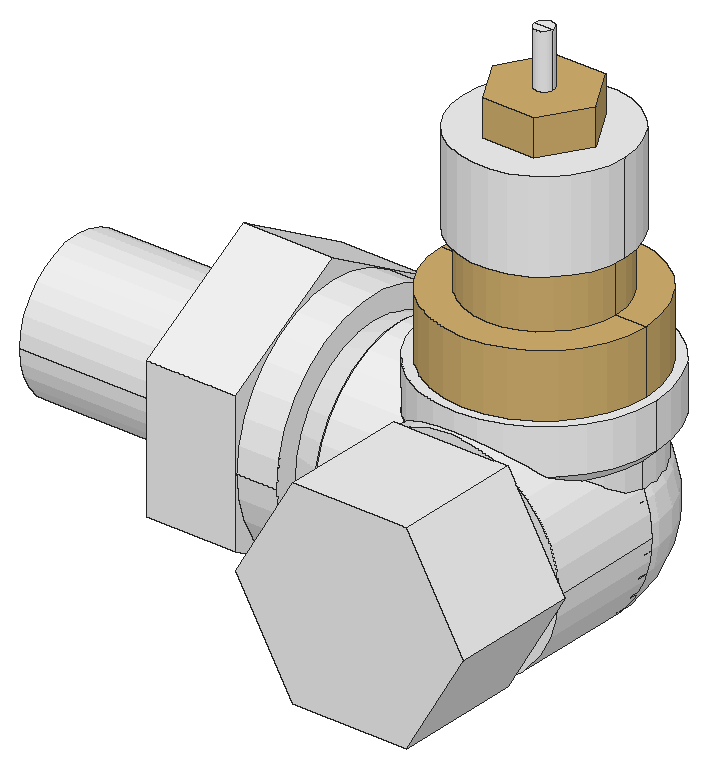
Revit family "RA-N_Double Angle_Right_DN10-15_RFA_1", category Pipe Accessories, Revit 2019
Family settings
  Round Connector Dimension = Use Diameter
  Part Type = Valve - Breaks Into
  OmniClass Number = 23.65.55.14.17
  OmniClass Title = Adjusting/Controlling Valves for Liquid Services
  Work Plane-Based = No
  Always vertical = Yes
  Cut with Voids When Loaded = No
  Shared = No
Parameters (values of type "RA-N_Double Angle_Right_DN10_Internal_013G0231")
  Weight = 0.23 kg
  W = 42.5 mm
  Setting Range = "1-7,N"  # constant formula
  R_200_1 = 15.5 mm
  R_200 = 12.7 mm
  RV6 = 10 mm
  RV2 = 11 mm
  RV3 = 13.5 mm
  RV4 = 8 mm
  RB2 = 12 mm
  RB1 = 11.3 mm
  Pressure Drop [instance] = 0.0 bar
  Model Type = "RA-N_Double Angle_Right_DN10_Internal"
  Model = "013G0231"
  Max Operating Pressure = "10 bar"  # constant formula
  Max Medium Temperature = "120 ˚C"  # constant formula
  Max Differential Pressure = "0.6 bar"  # constant formula
  LT2 = 27 mm
  LT1 = 22 mm
  LOD 350 = not(LOD 200)  # yes
  LOD 200 = no
  LL = 52 mm
  L6 = 13 mm
  L5 = 27 mm
  L3 = 3 mm
  L1 = 16 mm
  L2 = 4.5 mm
  L4 = 10 mm
  L = 64.5 mm
  Kvs = 0.65 m³/h
  Internal = if(and(LOD 350, RV6 < 15 mm), 1 = 1, 1 = 0)  # yes
  IfcExportType = "RA-N"  # constant formula
  IfcExportAs = "IfcValveType"  # constant formula
  H1 = 7.5 mm
  Valve Body Material = Danfoss Brass (Nickel plated)
  URL = "https://store.danfoss.com/en/Climate-Solutions-for-heating/Radiator-Thermostats/Radiator-Valves/Build-on-valves/Presetting-valves/c/13866?q=%3Arelevance%3Adanfoss_a223339155%3AA223_339155e8a4b9257411af40f22b1cba9d507f15%3Adanfoss_producttypehierarchydesc%3ARA-N&text="
  RV1 = 12 mm
  Manufacturer = "Danfoss"  # constant formula
  RB3 = 11 mm
  HH = 22 mm
  H = 62.8 mm
  Flow [instance] = 0.0 m³/h
  External = if(and(LOD 350, RV6 = 15 mm), 1 = 1, 1 = 0)  # no
  Description = "Thermostatic Radiator Valve"  # constant formula
  DB4 = 25 mm
  D = 10 mm
  Connection = "Internal Thread"
Types (3, lengths in mm): name | Weight | W | R_200_1 | R_200 | RV6 | RV2 | RV3 | RV4 | RB2 | Model Type | Model | LT2 | LT1 | LL | L6 | L5 | L1 | L2 | L | Internal | RV1 | H | External | D | Connection
  RA-N_Double Angle_Right_DN10_Internal_013G0231 | 0.23 kg | 42.5 | 15.5 | 12.7 | 10 | 11 | 13.5 | 8 | 12 | "RA-N_Double Angle_Right_DN10_Internal" | "013G0231" | 27 | 22 | 52 | 13 | 27 | 16 | 4.5 | 64.5 | yes | 12 | 62.8 | no | 10 | "Internal Thread"
  RA-N_Double Angle_Right_DN15_Internal_013G0233 | 0.30 kg | 50 | 17.321 | 15.5 | 10 | 13 | 15 | 10.5 | 13 | "RA-N_Double Angle_Right_DN15_Internal" | "013G0233" | 30 | 27 | 58 | 17 | 33 | 20 | 5 | 73 | yes | 13 | 64.5 | no | 15 | "Internal Thread"
  RA-N_Double Angle_Right_DN15_External_013G4204 | 0.31 kg | 49.5 | 17.321 | 15 | 15 | 13 | 15 | 10.5 | 13 | "RA-N_Double Angle_Right_DN15_External" | "013G4204" | 30 | 27 | 58 | 16 | 32 | 20 | 5 | 73 | no | 13 | 64.5 | yes | 15 | "External Thread"
Reference planes
  plane 1 "Center (Front/Back)": y = 0
  plane 2 "XYPLANE": z = 0
  plane 3 "Center (Left/Right)": x = 0
  plane 4 "56": z = 47
  plane 5 "55": z = 27
  plane 6 "54": z = 7.5
  plane 7 "51": x = 0
  plane 8 "50": y = 0
  plane 9 "49": z = 0
  plane 10: z = 9
  plane 11: z = 14
  plane 12: z = 41
  plane 13: z = 37
  plane 14: y = -27
  plane 15: y = -13
  plane 16: z = -12
  plane 17: x = -16
  plane 18: x = -19
  plane 19: x = -23.5
  plane 20: x = -33.5
  plane 21: x = -52
  plane 22: z = -15.8
  plane 23: x = 12.5
  plane 24: y = 15.5
Forms (mm)
  Extrusion 1, solid, material "Danfoss Brass (Nickel plated)" <- "Valve Body Material", detail levels fine
    sketch origin (-750, 0, 27) x (1, 0, 0) y (0, 1, 0)
      loop
        circle (750, 0) r 9
    from 0 to 10
  Extrusion 2, solid, material "Danfoss Brass (Nickel plated)" <- "Valve Body Material", visible <- "LOD 350", detail levels fine
    sketch origin (0, 0, 0) x (1, 0, 0) y (0, 1, 0)
      loop
        circle (0, 0) r 12.5
    from 9 to 14
  Extrusion 3, solid, material "Danfoss Brass (Nickel plated)" <- "Valve Body Material", visible <- "LOD 350", detail levels fine
    sketch origin (0, 0, 0) x (1, 0, 0) y (0, 1, 0)
      loop
        circle (0, 0) r 11
    from 7.5 to 0
  Revolve 4, solid, material "Danfoss Brass", visible <- "LOD 350", detail levels fine
    sketch origin (0, 0, 0) x (1, 0, 0) y (0, 0, 1)
      loop
        line (0, 27) -> (0, 14) -> (11.4, 14) -> (11.4, 21) -> (8, 21) -> (8, 27) -> (0, 27)
      axis (0, 27) -> (0, 14)
    angle from 0 to 360
  Revolve 5, solid, material "Danfoss Brass (Nickel plated)" <- "Valve Body Material", detail levels fine
    sketch origin (0, 0, 0) x (1, 0, 0) y (0, 0, 1)
      loop
        line (0, 47) -> (0, 41) -> (1, 41) -> (1, 47) -> (0, 47)
      axis (0, 47) -> (0, 41)
    angle from 0 to 360
  Extrusion 6, solid, material "Danfoss Brass", visible <- "LOD 350", detail levels fine
    sketch origin (-750, 0, 0) x (1, 0, 0) y (0, 1, 0)
      loop
        line (747.113, 5) -> (744.226, 0) -> (747.113, -5) -> (752.887, -5) -> (755.774, 0) -> (752.887, 5) -> (747.113, 5)
    from 37 to 41
  Blend 7, solid, material "Danfoss Brass (Nickel plated)" <- "Valve Body Material", visible <- "LOD 350", detail levels fine
    base sketch origin (0, 0, 0) x (0, -1, 0) y (1, 0, 0)
      loop
        circle (0, 0) r 12.5
    top sketch origin (0, 0, 0) x (0, -1, 0) y (1, 0, 0)
      loop
        circle (0, 0) r 11
    from 9 to 7.5
  Revolve 8, solid, material "Danfoss Brass (Nickel plated)" <- "Valve Body Material", visible <- "LOD 200", detail levels fine
    sketch origin (0, 0, 0) x (1, 0, 0) y (0, 0, 1)
      loop
        line (0, -12) -> (11, -12) -> (11, 14) -> (0, 14) -> (0, -12)
      axis (0, -12) -> (0, 14)
    angle from 0 to 360
  Revolve 9, solid, material "Danfoss Brass", visible <- "LOD 200", detail levels fine
    sketch origin (0, 0, 0) x (1, 0, 0) y (0, 0, 1)
      loop
        line (0, 27) -> (0, 14) -> (11.4, 14) -> (11.4, 27) -> (0, 27)
      axis (0, 27) -> (0, 14)
    angle from 0 to 360
  Extrusion 10, solid, material "Danfoss Brass (Nickel plated)" <- "Valve Body Material", visible <- "LOD 200", detail levels fine
    sketch origin (0, 0, 0) x (0, 1, 0) y (0, 0, 1)
      loop
        circle (0, 0) r 12
    from 0 to -23.5
  Revolve 11, solid, material "Danfoss Brass (Nickel plated)" <- "Valve Body Material", visible <- "LOD 350", detail levels fine
    sketch origin (0, 0, 0) x (0, 1, 0) y (0, 0, 1)
      loop
        line (0, 12) -> (0, -12)
        arc (0, -12) -> (12, 0) -> (0, 12) r 12
      axis (0, -12) -> (0, 12)
    angle from 0 to 360
  Extrusion 12, solid, material "Danfoss Brass (Nickel plated)" <- "Valve Body Material", detail levels fine
    sketch origin (0, 0, 0) x (1, 0, 0) y (0, 0, 1)
      loop
        circle (0, 0) r 12
    from 0 to 13
  Extrusion 13, solid, material "Danfoss Brass (Nickel plated)" <- "Valve Body Material", visible <- "Internal", detail levels fine
    sketch origin (0, 0, 0) x (1, 0, 0) y (0, 0, 1)
      loop
        line (-6.351, 11) -> (-12.702, 0) -> (-6.351, -11) -> (6.351, -11) -> (12.702, 0) -> (6.351, 11) -> (-6.351, 11)
    from 13 to 27
  Extrusion 14, solid, material "Danfoss Nickel Plated Brass", visible <- "External", detail levels fine
    sketch origin (0, 0, 0) x (1, 0, 0) y (0, 0, 1)
      loop
        circle (0, 0) r 10
    from 13 to 27
  Extrusion 15, solid, material "Danfoss Brass (Nickel plated)" <- "Valve Body Material", visible <- "LOD 350", detail levels fine
    sketch origin (-16.7, -750, 0) x (0, 1, 0) y (0, 0, -1)
      loop
        circle (750, 0) r 12
    from -0.7 to -16.7
  Extrusion 16, solid, material "Danfoss Brass (Nickel plated)" <- "Valve Body Material", visible <- "LOD 350", detail levels fine
    sketch origin (-23.5, -750, 0) x (0, 1, 0) y (0, 0, -1)
      loop
        line (750, -15.588) -> (763.5, -7.794) -> (763.5, 7.794) -> (750, 15.588) -> (736.5, 7.794) -> (736.5, -7.794) -> (750, -15.588)
    from 10 to 0
  Extrusion 17, solid, material "Danfoss Brass (Nickel plated)" <- "Valve Body Material", visible <- "LOD 350", detail levels fine
    sketch origin (-23.5, -750, 0) x (0, 1, 0) y (0, 0, -1)
      loop
        circle (750, 0) r 13.5
    from 0 to -4.5
  Blend 18, solid, material "Danfoss Brass (Nickel plated)" <- "Valve Body Material", visible <- "LOD 350", detail levels fine
    base sketch origin (0, 0, 0) x (0, 1, 0) y (0, 0, -1)
      loop
        circle (0, 0) r 12
    top sketch origin (0, 0, 0) x (0, 1, 0) y (0, 0, -1)
      loop
        circle (0, 0) r 11
    from 16 to 19
  Extrusion 19, solid, material "Danfoss Brass (Nickel plated)" <- "Valve Body Material", detail levels fine
    sketch origin (-23.5, -750, 0) x (0, 1, 0) y (0, 0, -1)
      loop
        circle (750, 0) r 8
    from 10 to 28.5
  Extrusion 20, solid, material "Danfoss Brass (Nickel plated)" <- "Valve Body Material", visible <- "LOD 200", detail levels fine
    sketch origin (0, 0, 0) x (1, 0, 0) y (0, 0, 1)
      loop
        circle (0, 0) r 12.7
    from 13 to 27
  Extrusion 21, solid, material "Danfoss Nickel Plated Brass", visible <- "LOD 200", detail levels fine
    sketch origin (0, 0, 0) x (0, 1, 0) y (0, 0, 1)
      loop
        circle (0, 0) r 15.5
    from -33.5 to -23.5
  Extrusion 22, solid, material "Danfoss Brass", visible <- "LOD 200", detail levels fine
    sketch origin (0, 0, 0) x (1, 0, 0) y (0, 1, 0)
      loop
        circle (0, 0) r 5.774
    from 37 to 41
Lines and regions (mm)
  reference lines, not visible
    curve 1: circle (2, 2, 0) r 1 normal (0, 0, 1)
  reference lines
    curve 2: line (0, 0, -22) -> (0, 5, -22)
Dimensions and locks
  plane 1 "Center (Front/Back)" to curve 1 = 2 mm
  "H1": plane 2 "XYPLANE" to plane 6 "54"
  locked: plane 3 "Center (Left/Right)" to plane 7 "51"
  locked: plane 1 "Center (Front/Back)" to plane 8 "50"
  locked: plane 2 "XYPLANE" to plane 9 "49"
  locked: plane 10 to plane 6 "54" at 1.5
  locked: plane 11 to plane 10 at 5
  locked: plane 4 "56" to level at 47
  locked: plane 4 "56" to plane 12 at 6
  Revolve 4 sketch curve to Revolve 4 sketch curve = 11.4 mm
  Revolve 4 sketch curve to Revolve 4 sketch curve = 8 mm
  equal spacing: plane 5 "55", Revolve 4 sketch curve, plane 11
  equal spacing: Extrusion 6 sketch curve, plane 3 "Center (Left/Right)", Extrusion 6 sketch curve  (x2)
  Extrusion 6 sketch curve to Extrusion 6 sketch curve = 10 mm  (x3)
  equal spacing: Extrusion 6 sketch curve, plane 1 "Center (Front/Back)", Extrusion 6 sketch curve
  locked: plane 13 to plane 5 "55" at 10
  locked: plane 5 "55" to plane 11 at 13
  "RB3": Revolve 8 sketch curve to Revolve 8 sketch curve
  "L5": plane 14 to plane 1 "Center (Front/Back)"
  "L6": plane 15 to plane 1 "Center (Front/Back)"
  "LT1": Extrusion 13 sketch curve to Extrusion 13 sketch curve  (x3)
  equal spacing: Extrusion 13 sketch curve, level, Extrusion 13 sketch curve
  equal spacing: Extrusion 13 sketch curve, plane 3 "Center (Left/Right)", Extrusion 13 sketch curve  (x2)
  "RB2": level to plane 16
  "L1": plane 17 to plane 3 "Center (Left/Right)"
  "L3": plane 18 to plane 17
  "L2": plane 19 to plane 18
  "L4": plane 20 to plane 19
  "LL": plane 3 "Center (Left/Right)" to plane 21
  "LT2": Extrusion 16 sketch curve to Extrusion 16 sketch curve  (x3)
  equal spacing: Extrusion 16 sketch curve, plane 1 "Center (Front/Back)", Extrusion 16 sketch curve  (x3)
  "H": plane 4 "56" to plane 22
  "L": plane 23 to plane 21
  "W": plane 14 to plane 24
  "DB4": diameter of Extrusion 2 sketch curve
  "RB3": radius of Extrusion 3 sketch curve
  "RB3": radius of Blend 7 sketch curve
  radius of Extrusion 1 sketch curve = 9 mm
  "DB4": diameter of Blend 7 sketch curve
  "RV1": radius of Extrusion 10 sketch curve
  "RB2": radius of Revolve 11 sketch curve
  "RB2": radius of Extrusion 12 sketch curve
  "RV6": radius of Extrusion 14 sketch curve
  "RV1": radius of Extrusion 15 sketch curve
  "RV3": radius of Extrusion 17 sketch curve
  "RV1": radius of Blend 18 sketch curve
  "RV2": radius of Blend 18 sketch curve
  "RV4": radius of Extrusion 19 sketch curve
  "R_200": radius of Extrusion 20 sketch curve
  "R_200_1": radius of Extrusion 21 sketch curve
  radius of Extrusion 22 sketch curve = 5.774 mm
  angle Extrusion 13 sketch curve to Extrusion 13 sketch curve = 120.00°  (x6)
  angle Extrusion 16 sketch curve to Extrusion 16 sketch curve = 120.00°  (x6)
  aligned and locked: level to plane 2 "XYPLANE"
  aligned and locked: plane 7 "51" to Extrusion 1 sketch curve
  aligned and locked: plane 8 "50" to Extrusion 1 sketch curve
  aligned and locked: plane 7 "51" to Extrusion 2 sketch curve
  aligned and locked: plane 8 "50" to Extrusion 2 sketch curve
  aligned and locked: plane 7 "51" to Extrusion 3 sketch curve
  aligned and locked: plane 8 "50" to Extrusion 3 sketch curve
  aligned and locked: Extrusion 2 to plane 10
  aligned and locked: plane 11 to Extrusion 2
  aligned and locked: Revolve 4 sketch curve to plane 7 "51"  (x2)
  aligned and locked: Revolve 4 sketch curve to plane 11
  aligned and locked: Revolve 4 sketch curve to plane 5 "55"
  aligned and locked: Extrusion 2 to Revolve 4 sketch curve
  aligned and locked: Revolve 5 sketch curve to plane 7 "51"
  aligned and locked: Revolve 5 sketch curve to plane 4 "56"
  aligned and locked: Revolve 5 sketch curve to plane 12
  aligned and locked: Revolve 5 sketch curve to plane 3 "Center (Left/Right)"
  aligned and locked: plane 12 to Extrusion 6
  aligned and locked: plane 6 "54" to Extrusion 3
  aligned and locked: plane 10 to Blend 7
  aligned and locked: Blend 7 to plane 6 "54"
  aligned and locked: Extrusion 6 to plane 13
  aligned and locked: plane 7 "51" to Blend 7 sketch curve
  aligned and locked: plane 8 "50" to Blend 7 sketch curve
  aligned and locked: Revolve 8 sketch curve to plane 3 "Center (Left/Right)"
  aligned and locked: Revolve 8 sketch curve to Revolve 8 sketch curve
  aligned and locked: Revolve 9 sketch curve to Revolve 9 sketch curve
  aligned and locked: Revolve 9 sketch curve to plane 11
  aligned and locked: level to Extrusion 10 sketch curve
  aligned and locked: plane 1 "Center (Front/Back)" to Extrusion 10 sketch curve
  aligned and locked: Extrusion 3 to level
  aligned and locked: plane 1 "Center (Front/Back)" to Revolve 11 sketch curve  (x2)
  aligned and locked: level to Revolve 11 sketch curve
  aligned and locked: Revolve 11 sketch curve to plane 1 "Center (Front/Back)"
  aligned and locked: plane 3 "Center (Left/Right)" to Extrusion 12 sketch curve
  aligned and locked: level to Extrusion 12 sketch curve
  aligned and locked: Extrusion 12 to plane 15
  aligned and locked: Extrusion 13 to plane 14
  aligned and locked: plane 15 to Extrusion 13
  aligned and locked: plane 11 to Revolve 8
  aligned and locked: plane 16 to Revolve 8
  aligned and locked: Extrusion 14 to plane 14
  aligned and locked: plane 15 to Extrusion 14
  aligned and locked: Extrusion 19 to plane 21
  aligned and locked: Extrusion 19 to Extrusion 16
  aligned and locked: Extrusion 16 to plane 20
  aligned and locked: plane 19 to Extrusion 16
  aligned and locked: Extrusion 17 to plane 19
  aligned and locked: plane 18 to Extrusion 17
  aligned and locked: Blend 18 to plane 18
  aligned and locked: plane 17 to Blend 18
  aligned and locked: plane 3 "Center (Left/Right)" to Extrusion 15
  aligned and locked: Extrusion 15 to plane 17
  aligned and locked: Extrusion 10 to Extrusion 16
  aligned and locked: plane 3 "Center (Left/Right)" to Extrusion 20 sketch curve
  aligned and locked: level to Extrusion 20 sketch curve
  aligned and locked: plane 1 "Center (Front/Back)" to Extrusion 21 sketch curve
  aligned and locked: level to Extrusion 21 sketch curve
  aligned and locked: plane 15 to Extrusion 20
  aligned and locked: Extrusion 20 to plane 14
  aligned and locked: Extrusion 21 to plane 20
  aligned and locked: plane 19 to Extrusion 21
  aligned and locked: Revolve 9 sketch curve to plane 5 "55"
  aligned and locked: plane 7 "51" to Extrusion 22 sketch curve
  aligned and locked: plane 8 "50" to Extrusion 22 sketch curve
  aligned and locked: Extrusion 22 to plane 13
  aligned and locked: plane 12 to Extrusion 22
Automatic sketch dimensions
  plane 3 "Center (Left/Right)" to curve 1 = 2 mm
  curve 2 to plane 3 "Center (Left/Right)" = 0 mm
  plane 1 "Center (Front/Back)" to curve 2 = 0 mm
  curve 2 to plane 1 "Center (Front/Back)" = 5 mm
  Revolve 4 sketch curve to plane 5 "55" = 6 mm
  Revolve 4 sketch curve to Revolve 4 sketch curve = 2.268 mm
  plane 3 "Center (Left/Right)" to Revolve 5 sketch curve = 1 mm
  Revolve 5 sketch curve to plane 12 = 1.62 mm
  plane 4 "56" to Revolve 5 sketch curve = 3.114 mm
  plane 1 "Center (Front/Back)" to Extrusion 6 sketch curve = 0 mm
  Extrusion 6 sketch curve to plane 3 "Center (Left/Right)" = 5.774 mm
  Revolve 9 sketch curve to plane 3 "Center (Left/Right)" = 0 mm
  Revolve 9 sketch curve to plane 12 = 0 mm
  plane 3 "Center (Left/Right)" to Revolve 9 sketch curve = 11.4 mm
  level to Revolve 9 sketch curve = 2.863 mm
  plane 1 "Center (Front/Back)" to Blend 7 sketch curve = 0 mm
  Blend 7 sketch curve to plane 3 "Center (Left/Right)" = 0 mm
  Revolve 8 sketch curve to plane 16 = 0 mm
  Revolve 8 sketch curve to plane 11 = 0 mm  (x2)
  Revolve 8 sketch curve to plane 16 = 1 mm
  Revolve 11 sketch curve to plane 11 = 0 mm
  level to Revolve 11 sketch curve = 0.8 mm
  Extrusion 12 sketch curve to level = 0 mm
  Extrusion 14 sketch curve to level = 0 mm
  Extrusion 14 sketch curve to plane 3 "Center (Left/Right)" = 0 mm
  Extrusion 15 sketch curve to level = 0 mm
  Extrusion 15 sketch curve to plane 1 "Center (Front/Back)" = 0 mm
  Extrusion 17 sketch curve to level = 0 mm
  Extrusion 17 sketch curve to plane 1 "Center (Front/Back)" = 0 mm
  Blend 18 sketch curve to level = 0 mm  (x2)
  Blend 18 sketch curve to plane 1 "Center (Front/Back)" = 0 mm  (x2)
  Extrusion 19 sketch curve to level = 0 mm
  Extrusion 19 sketch curve to plane 1 "Center (Front/Back)" = 0 mm
  radius of curve 1 = 1 mm
Nested families
  nested 1: "Schematic_TRV_Angle Right" at (0, 0, 0), type "Schematic_TRV_Angle Right", detail levels coarse+medium
Connectors
  piping at (0, -27, 0), diameter 20, driven by "Flow"
    settings: on Extrusion 13, index 1, connector inside diameter 609.6 mm, connector length 0 mm, flow factor 0, pipe flow 0.0 m³/h, pressure drop 0.0 bar, fitting loss kfactor 0, connector angle 0.00°, fixture units 0, engagement length 0 mm, angle of deflection 0.00°, flow configuration 0, flow direction 1, fitting loss method 0, system type 29, joint type 0, gender type 0, connector reference index 2, connector utility 0, adjustable connector no, is connector primary yes, connector description ""
  piping at (-23.5, 0, 0), diameter 10, driven by "Flow", driven by "D"
    settings: on Extrusion 17, index 2, connector inside diameter 609.6 mm, connector length 0 mm, flow factor 0, pipe flow 0.0 m³/h, pressure drop 0.0 bar, fitting loss kfactor 0, connector angle 0.00°, fixture units 0, engagement length 0 mm, angle of deflection 0.00°, flow configuration 0, flow direction 2, fitting loss method 0, system type 29, joint type 0, gender type 0, connector reference index 1, connector utility 0, adjustable connector no, is connector primary no, connector description ""
Definition of nested family "Schematic_TRV_Angle Right"
  Parameters (values of type "Schematic_TRV_Angle Right")
    L2 = 27 mm
    L1 = 33.5 mm
    HT = 47 mm  # constant formula
    LA = 4 / 5 * D  # 17.6 mm
    D = 22 mm  # constant formula
  Reference planes
    plane 1 "Center (Front/Back)": y = 0
    plane 2: z = 0
    plane 3 "Center (Left/Right)": x = 0
    plane 4: z = 11
    plane 5: z = -11
    plane 6: x = -33.5
    plane 7: y = 11
    plane 8: y = -11
    plane 9: x = -8.8
    plane 10: x = 8.8
    plane 11 "centerline": z = 0
    plane 12: z = -7.5
    plane 13: z = 47
    plane 14: x = -22
    plane 15: y = -22
    plane 16: z = 11
    plane 17: z = -11
    plane 18: y = -27
    plane 19: y = -23.71
    plane 20: x = -11
    plane 21: x = 11
    plane 22: x = -8.8
    plane 23: x = 8.8
    plane 24: y = 47
  Lines and regions (mm)
    model lines
      curve 1: line (-22, 0, 0) -> (-33.5, 0, 0)
      curve 2: line (-22, 0, 11) -> (-22, 0, -11)
      curve 3: line (-22, 0, -11) -> (0, 0, 0)
      curve 4: line (0, -22, 11) -> (0, -22, -11)
      curve 5: line (0, -22, 11) -> (0, 0, 0)
      curve 6: line (0, -22, -11) -> (0, 0, 0)
      curve 7: line (0, -27, 0) -> (0, -22, 0)
      curve 16: line (0, 0, 0) -> (0, 0, 47)
      curve 17: line (-8.8, 0, 47) -> (8.8, 0, 47)
      curve 18: line (0, 0, 0) -> (-22, 0, 11)
    symbolic lines
      curve 8: line (0, 0, 0) -> (-22, 11, 0)
      curve 9: line (-22, 11, 0) -> (-22, -11, 0)
      curve 10: line (-22, -11, 0) -> (0, 0, 0)
      curve 11: line (-22, 0, 0) -> (-33.5, 0, 0)
      curve 12: line (-11, -22, 0) -> (0, 0, 0)
      curve 13: line (0, 0, 0) -> (11, -22, 0)
      curve 14: line (11, -22, 0) -> (-11, -22, 0)
      curve 15: line (0, -27, 0) -> (0, -22, 0)
      curve 19: line (-8.8, 47, 0) -> (8.8, 47, 0)
      curve 20: line (0, 0, 0) -> (0, 47, 0)
  Dimensions and locks
    "D": plane 4 to plane 5
    equal spacing: plane 4, level, plane 5
    "D": plane 8 to plane 7
    equal spacing: plane 8, plane 1 "Center (Front/Back)", plane 7
    "LA": plane 10 to plane 9
    equal spacing: plane 10, plane 3 "Center (Left/Right)", plane 9
    "L1": plane 3 "Center (Left/Right)" to plane 6
    "D": plane 3 "Center (Left/Right)" to plane 14
    "D": plane 15 to plane 1 "Center (Front/Back)"
    equal spacing: plane 16, level, plane 17
    "D": plane 16 to plane 17
    "L2": plane 18 to plane 1 "Center (Front/Back)"
    "D": plane 20 to plane 21
    equal spacing: plane 20, plane 3 "Center (Left/Right)", plane 21
    "HT": plane 13 to level
    equal spacing: plane 22, plane 3 "Center (Left/Right)", plane 23
    "LA": plane 22 to plane 23
    plane 6 to plane 3 "Center (Left/Right)" = 33.5 mm
    plane 18 to plane 1 "Center (Front/Back)" = 27 mm
    "HT": plane 1 "Center (Front/Back)" to plane 24
    aligned and locked: level to plane 2
    aligned and locked: curve 1 to level
    aligned and locked: plane 14 to curve 2
    aligned and locked: plane 5 to curve 3
    aligned and locked: plane 6 to curve 1
    aligned and locked: plane 14 to curve 1
    aligned and locked: plane 15 to curve 4
    aligned and locked: plane 17 to curve 4
    aligned and locked: plane 16 to curve 4
    aligned and locked: curve 7 to level
    aligned and locked: plane 18 to curve 7
    aligned and locked: plane 15 to curve 7
    aligned and locked: plane 6 to curve 11
    aligned and locked: plane 14 to curve 11
    aligned and locked: plane 14 to curve 9
    aligned and locked: plane 7 to curve 9
    aligned and locked: plane 8 to curve 9
    aligned and locked: plane 18 to curve 15
    aligned and locked: plane 15 to curve 15
    aligned and locked: plane 3 "Center (Left/Right)" to curve 16
    aligned and locked: level to curve 16
    aligned and locked: plane 13 to curve 16
    aligned and locked: plane 22 to curve 17
    aligned and locked: plane 23 to curve 17
    aligned and locked: plane 24 to curve 19
    aligned and locked: plane 9 to curve 19
    aligned and locked: plane 10 to curve 19
    aligned and locked: plane 3 "Center (Left/Right)" to curve 20
    aligned and locked: plane 24 to curve 20
  Automatic sketch dimensions
    curve 6 to level = 0 mm
    curve 6 to plane 1 "Center (Front/Back)" = 0 mm
    curve 18 to plane 4 = 0 mm
    curve 12 to plane 20 = 0 mm
    plane 1 "Center (Front/Back)" to curve 20 = 0 mm
    curve 15 to plane 3 "Center (Left/Right)" = 0 mm
    curve 13 to plane 21 = 0 mm
    plane 1 "Center (Front/Back)" to curve 11 = 0 mm
